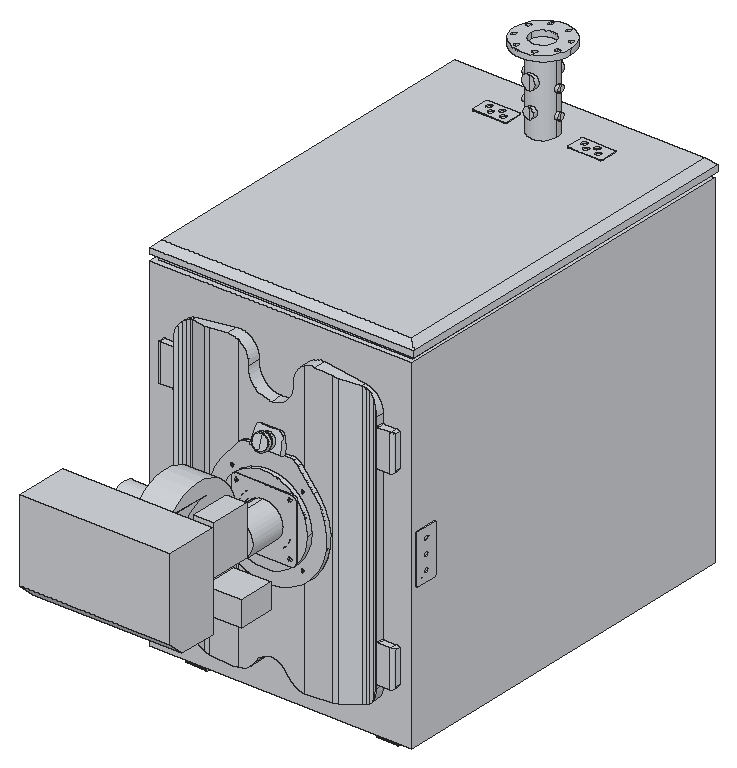
Revit family (continued)
Forms (in)
  Extrusion 97, solid, not visible
    sketch origin (0, -27.83144, -6.38142) x (1, 0, 0) y (0, 0.292372, 0.956305)
      loop
        spline (2.08755, 41.26626) -> (2.06999, 41.34975) -> (2.04482, 41.42785) -> (2.01221, 41.50008) -> (1.97236, 41.56598) -> (1.92552, 41.62514) -> (1.872, 41.67717) -> (1.81212, 41.72176) -> (1.74628, 41.75861) -> (1.67487, 41.7875) -> (1.59837, 41.80824) -> (1.51724, 41.8207) -> (1.43201, 41.8248)
        line (1.43201, 41.8248) -> (0, 41.8248) -> (-1.43201, 41.8248)
        spline (-1.43201, 41.8248) -> (-1.51724, 41.8207) -> (-1.59837, 41.80824) -> (-1.67487, 41.7875) -> (-1.74628, 41.75861) -> (-1.81212, 41.72176) -> (-1.872, 41.67717) -> (-1.92552, 41.62514) -> (-1.97236, 41.56598) -> (-2.01221, 41.50008) -> (-2.04482, 41.42785) -> (-2.06999, 41.34975) -> (-2.08755, 41.26626)
    from 27.23541 to 28.10693
  Extrusion 98, solid, not visible
    sketch origin (0, -15, 0) x (1, 0, 0) y (0, 0, 1)
      loop
        line (-4.84631, 38.02682) -> (-7.37432, 34.89772)
        arc (-7.37432, 34.89772) -> (0, 19.45975) -> (7.37432, 34.89772) r 9.48025
        line (7.37432, 34.89772) -> (4.84589, 38.02735)
        arc (4.84589, 38.02735) -> (4.24578, 38.50127) -> (3.5, 38.67025) r 1.73025
        line (3.5, 38.67025) -> (-3.49911, 38.67025)
        arc (-3.49911, 38.67025) -> (-4.24568, 38.50132) -> (-4.84631, 38.02682) r 1.73025
      loop
        circle (0, 29) r 7
      loop
        arc (5.51635, 34.84021) -> (5.4135, 34.73735) -> (5.37585, 34.59685) r 0.281
        arc (5.37585, 34.59685) -> (5.4135, 34.45635) -> (5.51635, 34.3535) r 0.281
        arc (5.51635, 34.3535) -> (5.65685, 34.31585) -> (5.79735, 34.3535) r 0.281
        arc (5.79735, 34.3535) -> (5.90021, 34.45635) -> (5.93785, 34.59685) r 0.281
        arc (5.93785, 34.59685) -> (5.90021, 34.73735) -> (5.79735, 34.84021) r 0.281
        arc (5.79735, 34.84021) -> (5.65685, 34.87785) -> (5.51635, 34.84021) r 0.281
      loop
        arc (-5.79735, 34.84021) -> (-5.90021, 34.73735) -> (-5.93785, 34.59685) r 0.281
        arc (-5.93785, 34.59685) -> (-5.90021, 34.45635) -> (-5.79735, 34.3535) r 0.281
        arc (-5.79735, 34.3535) -> (-5.65685, 34.31585) -> (-5.51635, 34.3535) r 0.281
        arc (-5.51635, 34.3535) -> (-5.4135, 34.45635) -> (-5.37585, 34.59685) r 0.281
        arc (-5.37585, 34.59685) -> (-5.4135, 34.73735) -> (-5.51635, 34.84021) r 0.281
        arc (-5.51635, 34.84021) -> (-5.65685, 34.87785) -> (-5.79735, 34.84021) r 0.281
      loop
        arc (-5.79735, 23.5265) -> (-5.90021, 23.42365) -> (-5.93785, 23.28315) r 0.281
        arc (-5.93785, 23.28315) -> (-5.90021, 23.14265) -> (-5.79735, 23.03979) r 0.281
        arc (-5.79735, 23.03979) -> (-5.65685, 23.00215) -> (-5.51635, 23.03979) r 0.281
        arc (-5.51635, 23.03979) -> (-5.4135, 23.14265) -> (-5.37585, 23.28315) r 0.281
        arc (-5.37585, 23.28315) -> (-5.4135, 23.42365) -> (-5.51635, 23.5265) r 0.281
        arc (-5.51635, 23.5265) -> (-5.65685, 23.56415) -> (-5.79735, 23.5265) r 0.281
      loop
        arc (5.51635, 23.5265) -> (5.4135, 23.42365) -> (5.37585, 23.28315) r 0.281
        arc (5.37585, 23.28315) -> (5.4135, 23.14265) -> (5.51635, 23.03979) r 0.281
        arc (5.51635, 23.03979) -> (5.65685, 23.00215) -> (5.79735, 23.03979) r 0.281
        arc (5.79735, 23.03979) -> (5.90021, 23.14265) -> (5.93785, 23.28315) r 0.281
        arc (5.93785, 23.28315) -> (5.90021, 23.42365) -> (5.79735, 23.5265) r 0.281
        arc (5.79735, 23.5265) -> (5.65685, 23.56415) -> (5.51635, 23.5265) r 0.281
    from 27.23491 to 27.92983
  Extrusion 99, solid
    sketch origin (0, -27.17266, 0) x (1, 0, 0) y (0, 0, 1)
      loop
        arc (-3.61428, 49.21852) -> (-4.52554, 51.70433) -> (-7.00072, 52.6441) r 3.1875
        arc (-7.00072, 52.6441) -> (-10.28605, 52.32116) -> (-13.5434, 51.78506) r 50.6875
        arc (-13.5434, 51.78506) -> (-15.53151, 50.59477) -> (-16.3125, 48.41316) r 3.4375
        line (-16.3125, 48.41316) -> (-16.3125, 47.1272)
        spline (-16.3125, 47.1272) -> (-16.31357, 47.1109) -> (-16.31674, 47.09488) -> (-16.32198, 47.07943) -> (-16.32919, 47.0648) -> (-16.33824, 47.05124) -> (-16.34899, 47.03899) -> (-16.36124, 47.02824) -> (-16.3748, 47.01919) -> (-16.38943, 47.01198) -> (-16.40488, 47.00674) -> (-16.4209, 47.00357) -> (-16.4372, 47.0025)
        line (-16.4372, 47.0025) -> (-18.50122, 47.0025)
        spline (-18.50122, 47.0025) -> (-18.56642, 46.99824) -> (-18.63047, 46.98553) -> (-18.69228, 46.96458) -> (-18.7508, 46.93576) -> (-18.80503, 46.89954) -> (-18.85406, 46.85656) -> (-18.89704, 46.80753) -> (-18.93326, 46.7533) -> (-18.96208, 46.69478) -> (-18.98303, 46.63297) -> (-18.99574, 46.56892) -> (-19, 46.50372)
        line (-19, 46.50372) -> (-19, 45.315) -> (-18.99264, 45.27669)
        spline (-18.99264, 45.27669) -> (-18.99182, 45.27174) -> (-18.99104, 45.26562) -> (-18.99031, 45.2584) -> (-18.98963, 45.25015) -> (-18.98902, 45.24096) -> (-18.98847, 45.23093) -> (-18.988, 45.22015) -> (-18.9876, 45.20874) -> (-18.98729, 45.19682) -> (-18.98707, 45.18451) -> (-18.98693, 45.17193) -> (-18.98689, 45.15923)
        line (-18.98689, 45.15923) -> (-18.98689, 43.72077)
        spline (-18.98689, 43.72077) -> (-18.98693, 43.70807) -> (-18.98707, 43.69549) -> (-18.98729, 43.68318) -> (-18.9876, 43.67126) -> (-18.988, 43.65985) -> (-18.98847, 43.64907) -> (-18.98902, 43.63904) -> (-18.98963, 43.62985) -> (-18.99031, 43.6216) -> (-18.99104, 43.61438) -> (-18.99182, 43.60826) -> (-18.99264, 43.60331)
        line (-18.99264, 43.60331) -> (-19, 43.565) -> (-19, 41.56378)
        spline (-19, 41.56378) -> (-18.99574, 41.49858) -> (-18.98303, 41.43453) -> (-18.96208, 41.37272) -> (-18.93326, 41.3142) -> (-18.89704, 41.25997) -> (-18.85406, 41.21094) -> (-18.80503, 41.16796) -> (-18.7508, 41.13175) -> (-18.69228, 41.10292) -> (-18.63047, 41.08197) -> (-18.56642, 41.06926) -> (-18.50122, 41.065)
        line (-18.50122, 41.065) -> (-16.43696, 41.065)
        spline (-16.43696, 41.065) -> (-16.42068, 41.06391) -> (-16.40469, 41.06071) -> (-16.38927, 41.05545) -> (-16.37466, 41.04823) -> (-16.36113, 41.03918) -> (-16.3489, 41.02843) -> (-16.33818, 41.01618) -> (-16.32915, 41.00263) -> (-16.32196, 40.98801) -> (-16.31673, 40.97258) -> (-16.31356, 40.95658) -> (-16.3125, 40.9403)
        line (-16.3125, 40.9403) -> (-16.3125, 16.1272)
        spline (-16.3125, 16.1272) -> (-16.31357, 16.1109) -> (-16.31674, 16.09488) -> (-16.32198, 16.07943) -> (-16.32919, 16.0648) -> (-16.33824, 16.05124) -> (-16.34899, 16.03899) -> (-16.36124, 16.02824) -> (-16.3748, 16.01919) -> (-16.38943, 16.01198) -> (-16.40488, 16.00674) -> (-16.4209, 16.00357) -> (-16.4372, 16.0025)
        line (-16.4372, 16.0025) -> (-18.50172, 16.0025)
        spline (-18.50172, 16.0025) -> (-18.56687, 15.99818) -> (-18.63087, 15.98542) -> (-18.69262, 15.96444) -> (-18.75109, 15.93559) -> (-18.80526, 15.89936) -> (-18.85423, 15.85638) -> (-18.89717, 15.80737) -> (-18.93334, 15.75315) -> (-18.96213, 15.69466) -> (-18.98305, 15.63289) -> (-18.99574, 15.56888) -> (-19, 15.50372)
        line (-19, 15.50372) -> (-19, 14.315) -> (-18.99264, 14.27669)
        spline (-18.99264, 14.27669) -> (-18.99182, 14.27174) -> (-18.99104, 14.26562) -> (-18.99031, 14.2584) -> (-18.98963, 14.25015) -> (-18.98902, 14.24096) -> (-18.98847, 14.23093) -> (-18.988, 14.22015) -> (-18.9876, 14.20874) -> (-18.98729, 14.19682) -> (-18.98707, 14.18451) -> (-18.98693, 14.17193) -> (-18.98689, 14.15923)
        line (-18.98689, 14.15923) -> (-18.98689, 12.72077)
        spline (-18.98689, 12.72077) -> (-18.98693, 12.70807) -> (-18.98707, 12.69549) -> (-18.98729, 12.68318) -> (-18.9876, 12.67126) -> (-18.988, 12.65985) -> (-18.98847, 12.64907) -> (-18.98902, 12.63904) -> (-18.98963, 12.62985) -> (-18.99031, 12.6216) -> (-18.99104, 12.61438) -> (-18.99182, 12.60826) -> (-18.99264, 12.60331)
        line (-18.99264, 12.60331) -> (-19, 12.565) -> (-19, 10.56378)
        spline (-19, 10.56378) -> (-18.99574, 10.49858) -> (-18.98303, 10.43453) -> (-18.96208, 10.37272) -> (-18.93326, 10.3142) -> (-18.89704, 10.25997) -> (-18.85406, 10.21094) -> (-18.80503, 10.16796) -> (-18.7508, 10.13175) -> (-18.69228, 10.10292) -> (-18.63047, 10.08197) -> (-18.56642, 10.06926) -> (-18.50122, 10.065)
        line (-18.50122, 10.065) -> (-16.43684, 10.065)
        spline (-16.43684, 10.065) -> (-16.42057, 10.06389) -> (-16.40459, 10.06068) -> (-16.38918, 10.05542) -> (-16.37459, 10.04819) -> (-16.36108, 10.03913) -> (-16.34886, 10.02839) -> (-16.33815, 10.01614) -> (-16.32913, 10.0026) -> (-16.32195, 9.98799) -> (-16.31673, 9.97256) -> (-16.31356, 9.95658) -> (-16.3125, 9.9403)
        line (-16.3125, 9.9403) -> (-16.3125, 9.46684)
        arc (-16.3125, 9.46684) -> (-15.53151, 7.28523) -> (-13.5434, 6.09495) r 3.4375
        arc (-13.5434, 6.09495) -> (-9.91075, 5.51099) -> (-6.2453, 5.19208) r 50.6875
        arc (-6.2453, 5.19208) -> (-3.98491, 5.70109) -> (-2.3142, 7.30643) r 4.3125
        arc (-2.3142, 7.30643) -> (-1.33236, 8.27398) -> (0, 8.6275) r 2.6875
        arc (0, 8.6275) -> (1.33236, 8.27398) -> (2.3142, 7.30643) r 2.6875
        arc (2.3142, 7.30643) -> (3.98491, 5.70109) -> (6.2453, 5.19208) r 4.3125
        arc (6.2453, 5.19208) -> (9.91075, 5.51099) -> (13.5434, 6.09495) r 50.6875
        arc (13.5434, 6.09495) -> (15.53151, 7.28523) -> (16.3125, 9.46684) r 3.4375
        line (16.3125, 9.46684) -> (16.3125, 9.9403)
        spline (16.3125, 9.9403) -> (16.31356, 9.95658) -> (16.31673, 9.97256) -> (16.32195, 9.98799) -> (16.32913, 10.0026) -> (16.33815, 10.01614) -> (16.34886, 10.02839) -> (16.36108, 10.03913) -> (16.37459, 10.04819) -> (16.38918, 10.05542) -> (16.40459, 10.06068) -> (16.42057, 10.06389) -> (16.43684, 10.065)
        line (16.43684, 10.065) -> (18.50122, 10.065)
        spline (18.50122, 10.065) -> (18.56642, 10.06926) -> (18.63047, 10.08197) -> (18.69228, 10.10292) -> (18.7508, 10.13175) -> (18.80503, 10.16796) -> (18.85406, 10.21094) -> (18.89704, 10.25997) -> (18.93326, 10.3142) -> (18.96208, 10.37272) -> (18.98303, 10.43453) -> (18.99574, 10.49858) -> (19, 10.56378)
        line (19, 10.56378) -> (19, 12.565) -> (18.99264, 12.60331)
        spline (18.99264, 12.60331) -> (18.99182, 12.60826) -> (18.99104, 12.61438) -> (18.99031, 12.6216) -> (18.98963, 12.62985) -> (18.98902, 12.63904) -> (18.98847, 12.64907) -> (18.988, 12.65985) -> (18.9876, 12.67126) -> (18.98729, 12.68318) -> (18.98707, 12.69549) -> (18.98693, 12.70807) -> (18.98689, 12.72077)
        line (18.98689, 12.72077) -> (18.98689, 14.15923)
        spline (18.98689, 14.15923) -> (18.98693, 14.17193) -> (18.98707, 14.18451) -> (18.98729, 14.19682) -> (18.9876, 14.20874) -> (18.988, 14.22015) -> (18.98847, 14.23093) -> (18.98902, 14.24096) -> (18.98963, 14.25015) -> (18.99031, 14.2584) -> (18.99104, 14.26562) -> (18.99182, 14.27174) -> (18.99264, 14.27669)
        line (18.99264, 14.27669) -> (19, 14.315) -> (19, 15.50372)
        spline (19, 15.50372) -> (18.99574, 15.56888) -> (18.98305, 15.63289) -> (18.96213, 15.69466) -> (18.93334, 15.75315) -> (18.89717, 15.80737) -> (18.85423, 15.85638) -> (18.80526, 15.89936) -> (18.75109, 15.93559) -> (18.69262, 15.96444) -> (18.63087, 15.98542) -> (18.56687, 15.99818) -> (18.50172, 16.0025)
        line (18.50172, 16.0025) -> (16.4372, 16.0025)
        spline (16.4372, 16.0025) -> (16.4209, 16.00357) -> (16.40488, 16.00674) -> (16.38943, 16.01198) -> (16.3748, 16.01919) -> (16.36124, 16.02824) -> (16.34899, 16.03899) -> (16.33824, 16.05124) -> (16.32919, 16.0648) -> (16.32198, 16.07943) -> (16.31674, 16.09488) -> (16.31357, 16.1109) -> (16.3125, 16.1272)
        line (16.3125, 16.1272) -> (16.3125, 40.9403)
        spline (16.3125, 40.9403) -> (16.31356, 40.95658) -> (16.31673, 40.97258) -> (16.32196, 40.98801) -> (16.32915, 41.00263) -> (16.33818, 41.01618) -> (16.3489, 41.02843) -> (16.36113, 41.03918) -> (16.37466, 41.04823) -> (16.38927, 41.05545) -> (16.40469, 41.06071) -> (16.42068, 41.06391) -> (16.43696, 41.065)
        line (16.43696, 41.065) -> (18.50122, 41.065)
        spline (18.50122, 41.065) -> (18.56642, 41.06926) -> (18.63047, 41.08197) -> (18.69228, 41.10292) -> (18.7508, 41.13175) -> (18.80503, 41.16796) -> (18.85406, 41.21094) -> (18.89704, 41.25997) -> (18.93326, 41.3142) -> (18.96208, 41.37272) -> (18.98303, 41.43453) -> (18.99574, 41.49858) -> (19, 41.56378)
        line (19, 41.56378) -> (19, 43.565) -> (18.99264, 43.60331)
        spline (18.99264, 43.60331) -> (18.99182, 43.60826) -> (18.99104, 43.61438) -> (18.99031, 43.6216) -> (18.98963, 43.62985) -> (18.98902, 43.63904) -> (18.98847, 43.64907) -> (18.988, 43.65985) -> (18.9876, 43.67126) -> (18.98729, 43.68318) -> (18.98707, 43.69549) -> (18.98693, 43.70807) -> (18.98689, 43.72077)
        line (18.98689, 43.72077) -> (18.98689, 45.15923)
        spline (18.98689, 45.15923) -> (18.98693, 45.17193) -> (18.98707, 45.18451) -> (18.98729, 45.19682) -> (18.9876, 45.20874) -> (18.988, 45.22015) -> (18.98847, 45.23093) -> (18.98902, 45.24096) -> (18.98963, 45.25015) -> (18.99031, 45.2584) -> (18.99104, 45.26562) -> (18.99182, 45.27174) -> (18.99264, 45.27669)
        line (18.99264, 45.27669) -> (19, 45.315) -> (19, 46.50372)
        spline (19, 46.50372) -> (18.99574, 46.56892) -> (18.98303, 46.63297) -> (18.96208, 46.69478) -> (18.93326, 46.7533) -> (18.89704, 46.80753) -> (18.85406, 46.85656) -> (18.80503, 46.89954) -> (18.7508, 46.93576) -> (18.69228, 46.96458) -> (18.63047, 46.98553) -> (18.56642, 46.99824) -> (18.50122, 47.0025)
        line (18.50122, 47.0025) -> (16.4372, 47.0025)
        spline (16.4372, 47.0025) -> (16.4209, 47.00357) -> (16.40488, 47.00674) -> (16.38943, 47.01198) -> (16.3748, 47.01919) -> (16.36124, 47.02824) -> (16.34899, 47.03899) -> (16.33824, 47.05124) -> (16.32919, 47.0648) -> (16.32198, 47.07943) -> (16.31674, 47.09488) -> (16.31357, 47.1109) -> (16.3125, 47.1272)
        line (16.3125, 47.1272) -> (16.3125, 48.41316)
        arc (16.3125, 48.41316) -> (15.53151, 50.59477) -> (13.5434, 51.78506) r 3.4375
        arc (13.5434, 51.78506) -> (10.28605, 52.32116) -> (7.00072, 52.6441) r 50.6875
        arc (7.00072, 52.6441) -> (4.52554, 51.70433) -> (3.61428, 49.21852) r 3.1875
        arc (3.61428, 49.21852) -> (2.65991, 46.47718) -> (0, 45.315) r 3.625
        arc (0, 45.315) -> (-2.65991, 46.47718) -> (-3.61428, 49.21852) r 3.625
    from 25.25296 to 28.1175
  Extrusion 100, void
    sketch origin (0.97589, -27.17266, 0) x (1, 0, 0) y (0, 1, 0)
      loop
        line (18.02412, -24.61055) -> (17.92994, -25.95728)
        arc (17.92994, -25.95728) -> (17.77216, -26.28808) -> (17.43116, -26.42241) r 0.5
        line (17.43116, -26.42241) -> (15.26315, -26.42241)
        arc (15.26315, -26.42241) -> (15.01648, -26.35732) -> (14.83402, -26.17902) r 0.5
        arc (14.83402, -26.17902) -> (14.61293, -26.04114) -> (14.35851, -25.98491) r 0.76995
        line (14.35851, -25.98491) -> (13.76265, -25.98491) -> (13.12331, -25.98491)
        arc (13.12331, -25.98491) -> (12.86283, -26.00769) -> (12.61028, -26.07537) r 1.5
        line (12.61028, -26.07537) -> (9.69908, -27.13496)
        arc (9.69908, -27.13496) -> (9.28373, -27.20983) -> (8.86243, -27.23491) r 3.55166
        line (8.86243, -27.23491) -> (4.39482, -27.23491) -> (-6.37273, -27.23491) -> (-10.84033, -27.23491)
        arc (-10.84033, -27.23491) -> (-11.28186, -27.20625) -> (-11.71598, -27.12076) r 3.41583
        line (-11.71598, -27.12076) -> (-14.58818, -26.07537)
        arc (-14.58818, -26.07537) -> (-14.84074, -26.00769) -> (-15.10121, -25.98491) r 1.5
        line (-15.10121, -25.98491) -> (-15.74055, -25.98491) -> (-16.37069, -25.98491)
        arc (-16.37069, -25.98491) -> (-16.60975, -26.04975) -> (-16.81639, -26.18634) r 0.77938
        arc (-16.81639, -26.18634) -> (-16.99812, -26.35942) -> (-17.24105, -26.42241) r 0.5
        line (-17.24105, -26.42241) -> (-19.40906, -26.42241)
        arc (-19.40906, -26.42241) -> (-19.75006, -26.28808) -> (-19.90784, -25.95728) r 0.5
        line (-19.90784, -25.95728) -> (-19.97589, -24.98426) -> (-19.97589, -29.00296) -> (18.02412, -29.00296) -> (18.02412, -24.61055)
    from 0 to 54.3983
  Extrusion 101, solid
    sketch origin (0, -27.17266, 0) x (1, 0, 0) y (0, 0, 1)
      loop
        circle (0, 29) r 7
      loop
        circle (0, 28.94) r 3.375
      loop
        circle (3.53553, 32.47553) r 0.25
      loop
        circle (-3.53553, 32.47553) r 0.25
      loop
        circle (-3.53553, 25.40447) r 0.25
      loop
        circle (3.53553, 25.40447) r 0.25
    from 27.92983 to 28.62038
  Revolve 102, solid
    sketch origin (0, -27.17266, 0) x (0, 1, 0) y (0, 0, 1)
      loop
        line (-28.63671, 41.56616) -> (-29.1555, 41.68593)
        arc (-29.1555, 41.68593) -> (-29.18514, 41.68124) -> (-29.2032, 41.65727) r 0.04005
        line (-29.2032, 41.65727) -> (-29.52826, 40.4441) -> (-28.031, 40.0429) -> (-27.72316, 41.19179) -> (-28.21713, 41.32415) -> (-28.27076, 41.26705) -> (-28.29592, 41.35041) -> (-28.35553, 41.28695) -> (-28.38069, 41.37031) -> (-28.4403, 41.30685) -> (-28.46546, 41.39021) -> (-28.52507, 41.32674) -> (-28.55023, 41.41011) -> (-28.60984, 41.34664) -> (-28.63499, 41.43) -> (-28.68844, 41.37311) -> (-28.63671, 41.56616)
      axis (-29.52828, 40.4441) -> (-28.031, 40.0429)
    angle from 0 to 360
  Extrusion 103, solid
    sketch origin (0, -40.0041, -6.38142) x (1, 0, 0) y (0, 0.292372, 0.956305)
      loop
        line (-2.08755, 41.26626) -> (-2.50293, 38.67025) -> (0, 38.67025) -> (2.50293, 38.67025) -> (2.08755, 41.26626)
        spline (2.08755, 41.26626) -> (2.06999, 41.34975) -> (2.04482, 41.42785) -> (2.01221, 41.50008) -> (1.97236, 41.56598) -> (1.92552, 41.62514) -> (1.872, 41.67717) -> (1.81212, 41.72176) -> (1.74628, 41.75861) -> (1.67487, 41.7875) -> (1.59837, 41.80824) -> (1.51724, 41.8207) -> (1.43201, 41.8248)
        line (1.43201, 41.8248) -> (0, 41.8248) -> (-1.43201, 41.8248)
        spline (-1.43201, 41.8248) -> (-1.51724, 41.8207) -> (-1.59837, 41.80824) -> (-1.67487, 41.7875) -> (-1.74628, 41.75861) -> (-1.81212, 41.72176) -> (-1.872, 41.67717) -> (-1.92552, 41.62514) -> (-1.97236, 41.56598) -> (-2.01221, 41.50008) -> (-2.04482, 41.42785) -> (-2.06999, 41.34975) -> (-2.08755, 41.26626)
    from 27.23541 to 28.10693
  Extrusion 104, solid
    sketch origin (0, -27.17266, 0) x (1, 0, 0) y (0, 0, 1)
      loop
        line (-4.84631, 38.02682) -> (-7.37432, 34.89772)
        arc (-7.37432, 34.89772) -> (0, 19.45975) -> (7.37432, 34.89772) r 9.48025
        line (7.37432, 34.89772) -> (4.84589, 38.02735)
        arc (4.84589, 38.02735) -> (4.24578, 38.50127) -> (3.5, 38.67025) r 1.73025
        line (3.5, 38.67025) -> (-3.49911, 38.67025)
        arc (-3.49911, 38.67025) -> (-4.24568, 38.50132) -> (-4.84631, 38.02682) r 1.73025
      loop
        circle (0, 29) r 7
      loop
        arc (5.51635, 34.84021) -> (5.4135, 34.73735) -> (5.37585, 34.59685) r 0.281
        arc (5.37585, 34.59685) -> (5.4135, 34.45635) -> (5.51635, 34.3535) r 0.281
        arc (5.51635, 34.3535) -> (5.65685, 34.31585) -> (5.79735, 34.3535) r 0.281
        arc (5.79735, 34.3535) -> (5.90021, 34.45635) -> (5.93785, 34.59685) r 0.281
        arc (5.93785, 34.59685) -> (5.90021, 34.73735) -> (5.79735, 34.84021) r 0.281
        arc (5.79735, 34.84021) -> (5.65685, 34.87785) -> (5.51635, 34.84021) r 0.281
      loop
        arc (-5.79735, 34.84021) -> (-5.90021, 34.73735) -> (-5.93785, 34.59685) r 0.281
        arc (-5.93785, 34.59685) -> (-5.90021, 34.45635) -> (-5.79735, 34.3535) r 0.281
        arc (-5.79735, 34.3535) -> (-5.65685, 34.31585) -> (-5.51635, 34.3535) r 0.281
        arc (-5.51635, 34.3535) -> (-5.4135, 34.45635) -> (-5.37585, 34.59685) r 0.281
        arc (-5.37585, 34.59685) -> (-5.4135, 34.73735) -> (-5.51635, 34.84021) r 0.281
        arc (-5.51635, 34.84021) -> (-5.65685, 34.87785) -> (-5.79735, 34.84021) r 0.281
      loop
        arc (-5.79735, 23.5265) -> (-5.90021, 23.42365) -> (-5.93785, 23.28315) r 0.281
        arc (-5.93785, 23.28315) -> (-5.90021, 23.14265) -> (-5.79735, 23.03979) r 0.281
        arc (-5.79735, 23.03979) -> (-5.65685, 23.00215) -> (-5.51635, 23.03979) r 0.281
        arc (-5.51635, 23.03979) -> (-5.4135, 23.14265) -> (-5.37585, 23.28315) r 0.281
        arc (-5.37585, 23.28315) -> (-5.4135, 23.42365) -> (-5.51635, 23.5265) r 0.281
        arc (-5.51635, 23.5265) -> (-5.65685, 23.56415) -> (-5.79735, 23.5265) r 0.281
      loop
        arc (5.51635, 23.5265) -> (5.4135, 23.42365) -> (5.37585, 23.28315) r 0.281
        arc (5.37585, 23.28315) -> (5.4135, 23.14265) -> (5.51635, 23.03979) r 0.281
        arc (5.51635, 23.03979) -> (5.65685, 23.00215) -> (5.79735, 23.03979) r 0.281
        arc (5.79735, 23.03979) -> (5.90021, 23.14265) -> (5.93785, 23.28315) r 0.281
        arc (5.93785, 23.28315) -> (5.90021, 23.42365) -> (5.79735, 23.5265) r 0.281
        arc (5.79735, 23.5265) -> (5.65685, 23.56415) -> (5.51635, 23.5265) r 0.281
    from 27.23491 to 27.92983
  Extrusion 105, solid
    sketch origin (0, -27.17266, 0) x (1, 0, 0) y (0, 0, 1)
      loop
        line (-4.84631, 38.02682) -> (-7.37432, 34.89772)
        arc (-7.37432, 34.89772) -> (0, 19.45975) -> (7.37432, 34.89772) r 9.48025
        line (7.37432, 34.89772) -> (4.84589, 38.02735)
        arc (4.84589, 38.02735) -> (4.24578, 38.50127) -> (3.5, 38.67025) r 1.73025
        line (3.5, 38.67025) -> (-3.49911, 38.67025)
        arc (-3.49911, 38.67025) -> (-4.24568, 38.50132) -> (-4.84631, 38.02682) r 1.73025
      loop
        circle (0, 29) r 7
      loop
        arc (5.51635, 34.84021) -> (5.4135, 34.73735) -> (5.37585, 34.59685) r 0.281
        arc (5.37585, 34.59685) -> (5.4135, 34.45635) -> (5.51635, 34.3535) r 0.281
        arc (5.51635, 34.3535) -> (5.65685, 34.31585) -> (5.79735, 34.3535) r 0.281
        arc (5.79735, 34.3535) -> (5.90021, 34.45635) -> (5.93785, 34.59685) r 0.281
        arc (5.93785, 34.59685) -> (5.90021, 34.73735) -> (5.79735, 34.84021) r 0.281
        arc (5.79735, 34.84021) -> (5.65685, 34.87785) -> (5.51635, 34.84021) r 0.281
      loop
        arc (-5.79735, 34.84021) -> (-5.90021, 34.73735) -> (-5.93785, 34.59685) r 0.281
        arc (-5.93785, 34.59685) -> (-5.90021, 34.45635) -> (-5.79735, 34.3535) r 0.281
        arc (-5.79735, 34.3535) -> (-5.65685, 34.31585) -> (-5.51635, 34.3535) r 0.281
        arc (-5.51635, 34.3535) -> (-5.4135, 34.45635) -> (-5.37585, 34.59685) r 0.281
        arc (-5.37585, 34.59685) -> (-5.4135, 34.73735) -> (-5.51635, 34.84021) r 0.281
        arc (-5.51635, 34.84021) -> (-5.65685, 34.87785) -> (-5.79735, 34.84021) r 0.281
      loop
        arc (-5.79735, 23.5265) -> (-5.90021, 23.42365) -> (-5.93785, 23.28315) r 0.281
        arc (-5.93785, 23.28315) -> (-5.90021, 23.14265) -> (-5.79735, 23.03979) r 0.281
        arc (-5.79735, 23.03979) -> (-5.65685, 23.00215) -> (-5.51635, 23.03979) r 0.281
        arc (-5.51635, 23.03979) -> (-5.4135, 23.14265) -> (-5.37585, 23.28315) r 0.281
        arc (-5.37585, 23.28315) -> (-5.4135, 23.42365) -> (-5.51635, 23.5265) r 0.281
        arc (-5.51635, 23.5265) -> (-5.65685, 23.56415) -> (-5.79735, 23.5265) r 0.281
      loop
        arc (5.51635, 23.5265) -> (5.4135, 23.42365) -> (5.37585, 23.28315) r 0.281
        arc (5.37585, 23.28315) -> (5.4135, 23.14265) -> (5.51635, 23.03979) r 0.281
        arc (5.51635, 23.03979) -> (5.65685, 23.00215) -> (5.79735, 23.03979) r 0.281
        arc (5.79735, 23.03979) -> (5.90021, 23.14265) -> (5.93785, 23.28315) r 0.281
        arc (5.93785, 23.28315) -> (5.90021, 23.42365) -> (5.79735, 23.5265) r 0.281
        arc (5.79735, 23.5265) -> (5.65685, 23.56415) -> (5.51635, 23.5265) r 0.281
    from 27.13496 to 27.92983
  Extrusion 106, solid, not visible
    sketch origin (0, -15, 0) x (1, 0, 0) y (0, 0, 1)
      loop
        line (-4.84631, 38.02682) -> (-7.37432, 34.89772)
        arc (-7.37432, 34.89772) -> (0, 19.45975) -> (7.37432, 34.89772) r 9.48025
        line (7.37432, 34.89772) -> (4.84589, 38.02735)
        arc (4.84589, 38.02735) -> (4.24578, 38.50127) -> (3.5, 38.67025) r 1.73025
        line (3.5, 38.67025) -> (-3.49911, 38.67025)
        arc (-3.49911, 38.67025) -> (-4.24568, 38.50132) -> (-4.84631, 38.02682) r 1.73025
      loop
        circle (0, 29) r 7
      loop
        arc (5.51635, 34.84021) -> (5.4135, 34.73735) -> (5.37585, 34.59685) r 0.281
        arc (5.37585, 34.59685) -> (5.4135, 34.45635) -> (5.51635, 34.3535) r 0.281
        arc (5.51635, 34.3535) -> (5.65685, 34.31585) -> (5.79735, 34.3535) r 0.281
        arc (5.79735, 34.3535) -> (5.90021, 34.45635) -> (5.93785, 34.59685) r 0.281
        arc (5.93785, 34.59685) -> (5.90021, 34.73735) -> (5.79735, 34.84021) r 0.281
        arc (5.79735, 34.84021) -> (5.65685, 34.87785) -> (5.51635, 34.84021) r 0.281
      loop
        arc (-5.79735, 34.84021) -> (-5.90021, 34.73735) -> (-5.93785, 34.59685) r 0.281
        arc (-5.93785, 34.59685) -> (-5.90021, 34.45635) -> (-5.79735, 34.3535) r 0.281
        arc (-5.79735, 34.3535) -> (-5.65685, 34.31585) -> (-5.51635, 34.3535) r 0.281
        arc (-5.51635, 34.3535) -> (-5.4135, 34.45635) -> (-5.37585, 34.59685) r 0.281
        arc (-5.37585, 34.59685) -> (-5.4135, 34.73735) -> (-5.51635, 34.84021) r 0.281
        arc (-5.51635, 34.84021) -> (-5.65685, 34.87785) -> (-5.79735, 34.84021) r 0.281
      loop
        arc (-5.79735, 23.5265) -> (-5.90021, 23.42365) -> (-5.93785, 23.28315) r 0.281
        arc (-5.93785, 23.28315) -> (-5.90021, 23.14265) -> (-5.79735, 23.03979) r 0.281
        arc (-5.79735, 23.03979) -> (-5.65685, 23.00215) -> (-5.51635, 23.03979) r 0.281
        arc (-5.51635, 23.03979) -> (-5.4135, 23.14265) -> (-5.37585, 23.28315) r 0.281
        arc (-5.37585, 23.28315) -> (-5.4135, 23.42365) -> (-5.51635, 23.5265) r 0.281
        arc (-5.51635, 23.5265) -> (-5.65685, 23.56415) -> (-5.79735, 23.5265) r 0.281
      loop
        arc (5.51635, 23.5265) -> (5.4135, 23.42365) -> (5.37585, 23.28315) r 0.281
        arc (5.37585, 23.28315) -> (5.4135, 23.14265) -> (5.51635, 23.03979) r 0.281
        arc (5.51635, 23.03979) -> (5.65685, 23.00215) -> (5.79735, 23.03979) r 0.281
        arc (5.79735, 23.03979) -> (5.90021, 23.14265) -> (5.93785, 23.28315) r 0.281
        arc (5.93785, 23.28315) -> (5.90021, 23.42365) -> (5.79735, 23.5265) r 0.281
        arc (5.79735, 23.5265) -> (5.65685, 23.56415) -> (5.51635, 23.5265) r 0.281
    from 27.13496 to 27.92983
  Extrusion 107, solid
    sketch origin (0, 60.9328, 0) x (0, 1, 0) y (0, 0, 1)
      loop
        line (-83.49998, 1.9975) -> (-82.73322, 0) -> (-79.73322, 0) -> (-79.04542, 1.9975) -> (-83.49998, 1.9975)
    from 13.64682 to 17.0625
  Extrusion 108, solid
    sketch origin (0, -20.27657, 0) x (0, -1, 0) y (0, 0, 1)
      loop
        line (2.29062, 1.9975) -> (-2.16394, 1.9975) -> (-1.47615, 0) -> (1.52385, 0) -> (2.29062, 1.9975)
    from 13.64682 to 17.0625
  Extrusion 109, solid
    sketch origin (0, 54.29048, 0) x (0, 1, 0) y (0, 0, 1)
      loop
        line (-83.49998, 1.9975) -> (-82.73322, 0) -> (-79.73322, 0) -> (-79.04542, 1.9975) -> (-83.49998, 1.9975)
    from 13.64682 to 17.0625
  Extrusion 110, solid
    sketch origin (0, -26.91888, 0) x (0, -1, 0) y (0, 0, 1)
      loop
        line (2.29062, 1.9975) -> (-2.16394, 1.9975) -> (-1.47615, 0) -> (1.52385, 0) -> (2.29062, 1.9975)
    from 13.64682 to 17.0625
  Extrusion 111, solid
    sketch origin (0, 47.29048, 0) x (0, 1, 0) y (0, 0, 1)
      loop
        line (-83.49998, 1.9975) -> (-82.73322, 0) -> (-79.73322, 0) -> (-79.04542, 1.9975) -> (-83.49998, 1.9975)
    from 13.64682 to 17.0625
  Extrusion 112, solid
    sketch origin (0, -33.91888, 0) x (0, -1, 0) y (0, 0, 1)
      loop
        line (2.29062, 1.9975) -> (-2.16394, 1.9975) -> (-1.47615, 0) -> (1.52385, 0) -> (2.29062, 1.9975)
    from 13.64682 to 17.0625
  Extrusion 113, solid
    sketch origin (0, 40.60468, 0) x (0, 1, 0) y (0, 0, 1)
      loop
        line (-83.49998, 1.9975) -> (-82.73322, 0) -> (-79.73322, 0) -> (-79.04542, 1.9975) -> (-83.49998, 1.9975)
    from 13.64682 to 17.0625
  Extrusion 114, solid
    sketch origin (0, -40.60468, 0) x (0, -1, 0) y (0, 0, 1)
      loop
        line (2.29062, 1.9975) -> (-2.16394, 1.9975) -> (-1.47615, 0) -> (1.52385, 0) -> (2.29062, 1.9975)
    from 13.64682 to 17.0625
Cuts and joins
  Sweep 2, Extrusion 30 cuts Extrusion 1
  Extrusion 17, Extrusion 18, Extrusion 19, Extrusion 20, Extrusion 21, Extrusion 22, Extrusion 23, Extrusion 24, Extrusion 25, Extrusion 30, Extrusion 31, Extrusion 32, Extrusion 33, Extrusion 34, Extrusion 35, Extrusion 36, Extrusion 37, Extrusion 38 cuts Extrusion 4
  Extrusion 17, Extrusion 30 cuts Extrusion 3
  Extrusion 18 cuts Extrusion 5
  Extrusion 30 cuts Extrusion 16
  Extrusion 30 cuts Extrusion 27
  Extrusion 30, Extrusion 31, Extrusion 32, Extrusion 33, Extrusion 34, Extrusion 35, Extrusion 36, Extrusion 37, Extrusion 38 cuts Extrusion 28
  Extrusion 30 cuts Extrusion 29
  Extrusion 100 cuts Extrusion 99
  Extrusion 100 cuts Extrusion 104
Dimensions and locks (in)
  aligned and locked: cut or joined group of Extrusion 1, Sweep 2, Extrusion 30 to plane 4 "Left"
  aligned and locked: plane 5 "Right" to cut or joined group of Extrusion 1, Sweep 2, Extrusion 30
  aligned and locked: Extrusion 4 to plane 11 "Top 3"
  aligned and locked: plane 8 "Bottom" to Extrusion 5
  aligned and locked: plane 9 "Top 1" to cut or joined group of Extrusion 1, Sweep 2, Extrusion 30
  aligned and locked: plane 11 "Top 3" to Extrusion 4
  aligned and locked: cut or joined group of Extrusion 1, Sweep 2, Extrusion 30 to plane 10 "Top 2"
  aligned and locked: Extrusion 5 to plane 9 "Top 1"
  aligned and locked: Extrusion 5 to plane 8 "Bottom"
  aligned and locked: plane 6 "Front" to cut or joined group of Extrusion 1, Sweep 2, Extrusion 30
  aligned and locked: cut or joined group of Extrusion 1, Sweep 2, Extrusion 30 to plane 7 "Back"
  aligned and locked: Extrusion 16 to Extrusion 4
  aligned and locked: Extrusion 26 to cut or joined group of Extrusion 5, Extrusion 18
  aligned and locked: Extrusion 28 to Extrusion 29
  aligned and locked: plane 10 "Top 2" to Extrusion 91
  aligned and locked: plane 6 "Front" to cut or joined group of Extrusion 5, Extrusion 18
  aligned and locked: plane 6 "Front" to Sweep 2 sketch curve
Nested families (in)
  nested 1: "C1-GO-20A_MOD_UL" at (0, -55.79305, 29), type <- "Burner", visible <- "Show Burner", type "Low Detail"
Connectors (in)
  piping at (0, 0, 73.625)
    settings: on cut or joined group of Extrusion 4, Extrusion 17, Extrusion 18, Extrusion 19, Extrusion 20, Extrusion 21, Extrusion 22, Extrusion 23, Extrusion 24, Extrusion 25, Extrusion 30, Extrusion 31, Extrusion 32, Extrusion 33, Extrusion 34, Extrusion 35, Extrusion 36, Extrusion 37, Extrusion 38, index 1
  piping at (0.00197, 14.02133, 48.99101)
    settings: on cut or joined group of Extrusion 28, Extrusion 30, Extrusion 31, Extrusion 32, Extrusion 33, Extrusion 34, Extrusion 35, Extrusion 36, Extrusion 37, Extrusion 38, index 2
  piping at (0, 10.11351, 29)
    settings: on Extrusion 26, index 3
  piping at (0, 8.60476, 5.65946)
    settings: on Revolve 51, index 4
  piping at (0, -2.87887, 68.49557)
    settings: on Revolve 76, index 5
  piping at (0, -2.87887, 64.06335)
    settings: on Revolve 79, index 6
  piping at (0, 2.2777, 64.81335)
    settings: on Revolve 78, index 7
  piping at (2.25, 0, 67.31321)
    settings: on Revolve 56, index 8
  piping at (2.25, 0, 63.33053)
    settings: on Revolve 70, index 9
  piping at (0, 2.25302, 68.49557)
    settings: on Revolve 77, index 10
  piping at (-2.875, 0, 68.06321)
    settings: on Revolve 71, index 11
  piping at (-2.875, 0, 64.09446)
    settings: on Revolve 72, index 12
  piping at (0, -2.87887, 68.49557)
    settings: on Revolve 80, index 146
  piping at (0, -2.87887, 64.06335)
    settings: on Revolve 83, index 147
  piping at (0, 2.2777, 64.81335)
    settings: on Revolve 82, index 148
  piping at (2.25, 0, 67.31321)
    settings: on Revolve 69, index 149
  piping at (2.25, 0, 63.33053)
    settings: on Revolve 73, index 150
  piping at (0, 2.25302, 68.49557)
    settings: on Revolve 81, index 151
  piping at (-2.875, 0, 68.06321)
    settings: on Revolve 74, index 152
  piping at (-2.875, 0, 64.09446)
    settings: on Revolve 75, index 153
  piping at (0, 9.8257, 52.03856)
    settings: on Revolve 52, index 29
  piping at (0, 9.8257, 45.70547)
    settings: on Revolve 54, index 30
  piping at (0, -43.62038, 28.94)
    settings: on Extrusion 95, index 136
  piping at (0, -55.79305, 28.94)
    settings: on Extrusion 101, index 105
  piping at (0, -56.14962, 40.29637)
    settings: on Revolve 102, index 110
  piping at (0, -43.97696, 40.29637)
    settings: on Revolve 96, index 137
Definition of nested family "C1-GO-20A_MOD_UL"
  Parameters (values of type "Low Detail")
    Burner Low Detail = yes
    Burner High Detail = no
  Types (3): name | Burner Low Detail | Burner High Detail
    (no name) | yes | no
    Low Detail | yes | no
    High Detail | no | yes
  Reference planes (in)
    plane 1 "Center (Front/Back)": y = 0
    plane 2: z = 0
    plane 3 "Center (Left/Right)": x = 0
  Forms (in)
    Extrusion 1, solid
      sketch origin (0, 0, 0) x (1, 0, 0) y (0, 1, 0)
        loop
          line (-12, -25.37942) -> (-12, -33.92593) -> (11.97144, -33.92593) -> (11.97144, -25.37942) -> (-12, -25.37942)
      from -1.1875 to 14.11092
    Revolve 2, solid, visible <- "Burner Low Detail"
      sketch origin (0, 0, 0) x (0, 1, 0) y (0, 0, 1)
        loop
          line (0.05262, 3) -> (-5.95731, 3) -> (-5.95731, 0) -> (-5.83231, 0) -> (-5.83231, 2.875) -> (0.17762, 2.875) -> (0.17762, 4.27371) -> (2.24976, 4.27371) -> (4.05351, 2.97825) -> (4.1383, 2.97825) -> (4.1383, 3.07016) -> (2.28849, 4.39871) -> (0.05262, 4.39871) -> (0.05262, 3)
        axis (4.1383, 0) -> (-5.95731, 0)
      angle from 0 to 360
    Extrusion 3, solid
      sketch origin (0, 0, 0) x (1, 0, 0) y (0, 1, 0)
        loop
          line (2.6299, -10.98624) -> (2.6299, -17.65816) -> (6.01487, -17.65816) -> (6.01487, -10.98624) -> (2.6299, -10.98624)
      from 1.43738 to 9.28615
    Extrusion 4, solid
      sketch origin (0, -9.375, -1.125) x (0, 1, 0) y (0, 0, 1)
        loop
          circle (-6.12695, 7.06113) r 2.84034
      from -10.00674 to -2.7247
    Extrusion 5, solid
      sketch origin (0, -8.4074, -3.6998) x (0, 1, 0) y (0, 0, 1)
        loop
          circle (-7.96727, 9.89065) r 7.25
      from -2.7247 to 2.6299
    Extrusion 6, solid
      sketch origin (11.5, 0, 0) x (1, 0, 0) y (0, 1, 0)
        loop
          line (-7.6825, -10.98624) -> (-7.6825, -16.79161) -> (-1.74944, -16.79161) -> (-1.74944, -10.98624) -> (-7.6825, -10.98624)
      from -4.80697 to -0.78125
    Extrusion 7, solid
      sketch origin (20.75, 0, 0) x (1, 0, 0) y (0, 1, 0)
        loop
          line (-23.4747, -9.1168) -> (-23.4747, -21.012) -> (-18.0155, -21.012) -> (-18.0155, -9.1168) -> (-23.4747, -9.1168)
      from -3.8125 to 3.8125
    Extrusion 8, solid
      sketch origin (36.92829, 7.89068, 0) x (1, 0, 0) y (0, 1, 0)
        loop
          line (-39.65299, -23.15268) -> (-39.65299, -27.65553) -> (-34.90714, -27.65553) -> (-34.90714, -23.15268) -> (-39.65299, -23.15268)
      from -7.87701 to -3.7079
    Extrusion 9, solid
      sketch origin (0, -4.36742, 0) x (1, 0, 0) y (0, 1, 0)
        loop
          line (-2.7247, -18.17593) -> (-2.8293, -18.17593) -> (-2.8293, -20.8028)
          arc (-2.8293, -20.8028) -> (-2.85994, -20.87676) -> (-2.9339, -20.9074) r 0.1046
          line (-2.9339, -20.9074) -> (-5.34685, -20.9074) -> (-5.34685, -21.012) -> (-2.9339, -21.012)
          arc (-2.9339, -21.012) -> (-2.78597, -20.95073) -> (-2.7247, -20.8028) r 0.2092
          line (-2.7247, -20.8028) -> (-2.7247, -18.17593)
        loop
          line (2.73508, -18.17593) -> (2.73508, -20.8028)
          arc (2.73508, -20.8028) -> (2.79635, -20.95073) -> (2.94428, -21.012) r 0.2092
          line (2.94428, -21.012) -> (5.35723, -21.012) -> (5.35723, -20.9074) -> (2.94428, -20.9074)
          arc (2.94428, -20.9074) -> (2.87032, -20.87676) -> (2.83968, -20.8028) r 0.1046
          line (2.83968, -20.8028) -> (2.83968, -18.17593) -> (2.73508, -18.17593)
      from 2.31503 to 9.97563
    Extrusion 10, void
      sketch origin (0, -4.24519, -0.37141) x (0, 1, 0) y (0, 0, 1)
        loop
          line (-29.67593, 1.5) -> (-29.67593, -1.1875) -> (-26.8279, -1.1875) -> (-29.67593, 1.5)
      from -12 to 11.97144
    Extrusion 11, solid, visible <- "Burner Low Detail"
      sketch origin (0, 0, 0) x (1, 0, 0) y (0, 0, 1)
        loop
          line (4.40675, 5.1827) -> (-4.30895, 5.1827)
          arc (-4.30895, 5.1827) -> (-4.90537, 4.93566) -> (-5.15241, 4.33925) r 0.84345
          line (-5.15241, 4.33925) -> (-5.15241, -4.37645)
          arc (-5.15241, -4.37645) -> (-4.90537, -4.97286) -> (-4.30895, -5.21991) r 0.84345
          line (-4.30895, -5.21991) -> (4.33646, -5.21991)
          arc (4.33646, -5.21991) -> (4.98257, -4.95228) -> (5.2502, -4.30616) r 0.91374
          line (5.2502, -4.30616) -> (5.2502, 4.33925)
          arc (5.2502, 4.33925) -> (5.00316, 4.93566) -> (4.40675, 5.1827) r 0.84345
        loop
          line (-3.92021, -4.23655) -> (-4.08369, -3.95339) -> (-4.44249, -3.95339) -> (-4.61993, -4.26072) -> (-4.45183, -4.55188) -> (-4.10227, -4.55188) -> (-3.92021, -4.23655)
        loop
          line (4.5994, -4.23655) -> (4.43592, -3.95339) -> (4.07712, -3.95339) -> (3.89968, -4.26072) -> (4.06778, -4.55188) -> (4.41734, -4.55188) -> (4.5994, -4.23655)
        loop
          line (4.58813, 4.24934) -> (4.42465, 4.53249) -> (4.06585, 4.53249) -> (3.88841, 4.22516) -> (4.05651, 3.934) -> (4.40608, 3.934) -> (4.58813, 4.24934)
        loop
          line (-3.91337, 4.2606) -> (-4.07686, 4.54376) -> (-4.43565, 4.54376) -> (-4.61309, 4.23642) -> (-4.445, 3.94527) -> (-4.09543, 3.94527) -> (-3.91337, 4.2606)
      from 0 to 0.14977
    Extrusion 12, solid, visible <- "Burner Low Detail"
      sketch origin (0, 0, 0) x (1, 0, 0) y (0, 0, 1)
        loop
          circle (0.00062, 0.0001) r 0.15156
      from 0 to 9.1168
    Extrusion 13, solid, not visible
      sketch origin (0, 0, 0) x (1, 0, 0) y (0, 1, 0)
        loop
          line (-7.84625, -21.012) -> (-7.84625, -29.67593) -> (8.52812, -29.67593) -> (8.52812, -21.012) -> (-7.84625, -21.012)
      from -1.1875 to 14.11092
    Revolve 14, solid, not visible
      sketch origin (0, 0, 0) x (0, 1, 0) y (0, 0, 1)
        loop
          line (0.05262, 2.5) -> (-5.01981, 2.5) -> (-5.01981, 0) -> (-4.89481, 0) -> (-4.89481, 2.375) -> (0.17762, 2.375) -> (0.17762, 3.49246) -> (2.56325, 3.49246) -> (3.13384, 2.99645) -> (3.13384, 2.9375) -> (3.25884, 2.9375) -> (3.25884, 3.05342) -> (2.60999, 3.61746) -> (0.05262, 3.61746) -> (0.05262, 2.5)
        axis (3.25884, 0) -> (-5.01981, 0)
      angle from 0 to 360
    Extrusion 15, solid, not visible
      sketch origin (0, 0, 0) x (1, 0, 0) y (0, 1, 0)
        loop
          line (2.6299, -10.98624) -> (2.6299, -17.65816) -> (6.01487, -17.65816) -> (6.01487, -10.98624) -> (2.6299, -10.98624)
      from 1.43738 to 9.28615
    Extrusion 16, solid, not visible
      sketch origin (0, -8.25, -1.5) x (0, 1, 0) y (0, 0, 1)
        loop
          circle (-6.12695, 7.06113) r 2.84034
      from -10.00674 to -2.7247
    Extrusion 17, solid, not visible
      sketch origin (0, -8.4074, -3.6998) x (0, 1, 0) y (0, 0, 1)
        loop
          circle (-6.09227, 9.39065) r 5.25
      from -2.7247 to 2.6299
    Extrusion 18, solid, not visible
      sketch origin (11.5, 0, 0) x (1, 0, 0) y (0, 1, 0)
        loop
          line (-7.6825, -9.1168) -> (-7.6825, -14.94442) -> (-0.57626, -14.94442) -> (-0.57626, -9.1168) -> (-7.6825, -9.1168)
      from -4.80697 to -0.78125
    Extrusion 19, solid, not visible
      sketch origin (20.75, 0, 0) x (1, 0, 0) y (0, 1, 0)
        loop
          line (-23.4747, -9.1168) -> (-23.4747, -21.012) -> (-18.0155, -21.012) -> (-18.0155, -9.1168) -> (-23.4747, -9.1168)
      from -3.8125 to 3.8125
    Extrusion 20, solid, not visible
      sketch origin (36.92829, 7.89068, 0) x (1, 0, 0) y (0, 1, 0)
        loop
          line (-39.65299, -17.18678) -> (-39.65299, -21.65232) -> (-34.90714, -21.65232) -> (-34.90714, -17.18678) -> (-39.65299, -17.18678)
      from -7.87701 to -3.7079
    Extrusion 21, solid, not visible
      sketch origin (0, 0, 0) x (1, 0, 0) y (0, 1, 0)
        loop
          line (-2.7247, -18.17593) -> (-2.8293, -18.17593) -> (-2.8293, -20.8028)
          arc (-2.8293, -20.8028) -> (-2.85994, -20.87676) -> (-2.9339, -20.9074) r 0.1046
          line (-2.9339, -20.9074) -> (-5.34685, -20.9074) -> (-5.34685, -21.012) -> (-2.9339, -21.012)
          arc (-2.9339, -21.012) -> (-2.78597, -20.95073) -> (-2.7247, -20.8028) r 0.2092
          line (-2.7247, -20.8028) -> (-2.7247, -18.17593)
        loop
          line (2.73508, -18.17593) -> (2.73508, -20.8028)
          arc (2.73508, -20.8028) -> (2.79635, -20.95073) -> (2.94428, -21.012) r 0.2092
          line (2.94428, -21.012) -> (5.35723, -21.012) -> (5.35723, -20.9074) -> (2.94428, -20.9074)
          arc (2.94428, -20.9074) -> (2.87032, -20.87676) -> (2.83968, -20.8028) r 0.1046
          line (2.83968, -20.8028) -> (2.83968, -18.17593) -> (2.73508, -18.17593)
      from 2.31503 to 9.97563
    Extrusion 22, void, not visible
      sketch origin (0, 0, 0) x (0, 1, 0) y (0, 0, 1)
        loop
          line (-29.67593, 1.5) -> (-29.67593, -1.1875) -> (-26.8279, -1.1875) -> (-29.67593, 1.5)
      from -8.46788 to 8.52812
    Extrusion 23, solid, not visible
      sketch origin (0, 0, 0) x (1, 0, 0) y (0, 0, 1)
        loop
          line (3.88, 4.625) -> (-3.87, 4.625)
          arc (-3.87, 4.625) -> (-4.40033, 4.40533) -> (-4.62, 3.875) r 0.75
          line (-4.62, 3.875) -> (-4.62, -3.875)
          arc (-4.62, -3.875) -> (-4.40033, -4.40533) -> (-3.87, -4.625) r 0.75
          line (-3.87, -4.625) -> (3.8175, -4.625)
          arc (3.8175, -4.625) -> (4.39202, -4.38702) -> (4.63, -3.8125) r 0.8125
          line (4.63, -3.8125) -> (4.63, 3.875)
          arc (4.63, 3.875) -> (4.41033, 4.40533) -> (3.88, 4.625) r 0.75
        loop
          line (-3.30203, -3.61166) -> (-3.4474, -3.35987) -> (-3.76644, -3.35987) -> (-3.92422, -3.63316) -> (-3.77475, -3.89205) -> (-3.46392, -3.89205) -> (-3.30203, -3.61166)
        loop
          line (3.94015, -3.61166) -> (3.79479, -3.35987) -> (3.47574, -3.35987) -> (3.31797, -3.63316) -> (3.46744, -3.89205) -> (3.77827, -3.89205) -> (3.94015, -3.61166)
        loop
          line (3.94015, 3.63834) -> (3.79479, 3.89013) -> (3.47574, 3.89013) -> (3.31797, 3.61684) -> (3.46744, 3.35795) -> (3.77827, 3.35795) -> (3.94015, 3.63834)
        loop
          line (-3.30985, 3.63834) -> (-3.45521, 3.89013) -> (-3.77426, 3.89013) -> (-3.93203, 3.61684) -> (-3.78256, 3.35795) -> (-3.47173, 3.35795) -> (-3.30985, 3.63834)
      from 0 to 0.14977
    Extrusion 24, solid, not visible
      sketch origin (0, 0, 0) x (1, 0, 0) y (0, 0, 1)
        loop
          circle (0.00062, 0.0001) r 0.15156
      from 0 to 9.1168
    Extrusion 25, solid
      sketch origin (0, 0, -0.25) x (0, 1, 0) y (0, 0, 1)
        loop
          line (-15.23493, 11.28868) -> (-25.37942, 11.28868) -> (-25.37942, 1.33632) -> (-15.23493, 1.33632)
          arc (-15.23493, 1.33632) -> (-20.2111, 6.3125) -> (-15.23493, 11.28868) r 4.97618
      from -2.7247 to 2.73508
  Cuts and joins
    joined: Extrusion 3, Extrusion 5, Extrusion 7, Extrusion 25
    Extrusion 10 cuts Extrusion 1
